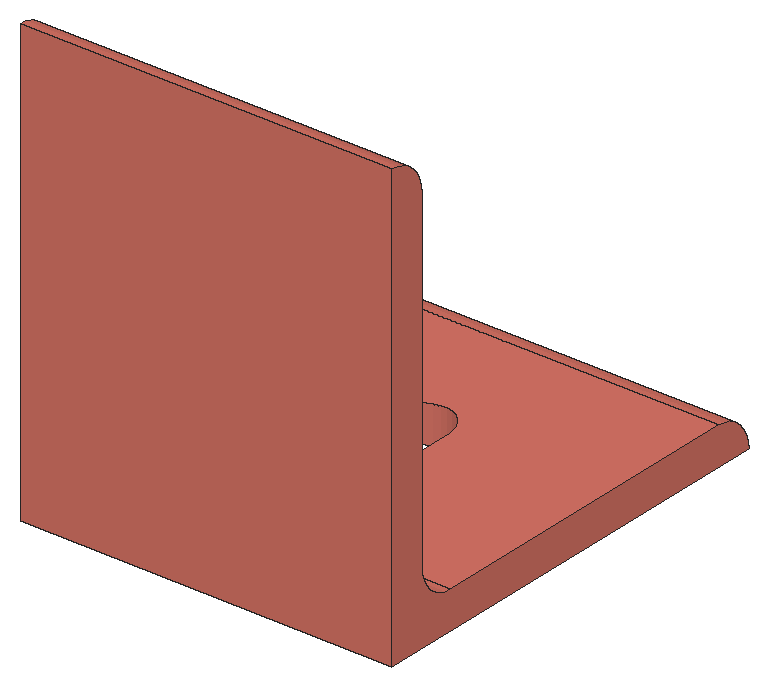
Revit family "L002", category Specialty Equipment, host Face, Revit 2018
Family settings
  Host = Face
  Round Connector Dimension = Use Diameter
  Part Type = Normal
  Cut with Voids When Loaded = Yes
  Shared = Yes
  Room Calculation Point = No
Parameters
  Type Comments = ""
  Model = ""
  MANUFACTURE_COMPONENT = "ERECTION STANDARD"
  IDENTITY_DESCRIPTION = "L6\"x6\"x1/2\"x0'-5\" w/ (1) 13/16\"Øx3\" SLOT"
  Default Elevation = 4' - 0"
  CONTROL_MARK = "L002"
Reference planes (in)
  plane 1 "Center (Front/Back)": y = 0
  plane 2: z = 0
  plane 3 "Center (Left/Right)": x = 0
  plane 4: z = 0.75
Dimensions and locks (in)
  plane 4 to plane 2 = 0' - 0 3/4"
  aligned and locked: plane 2 to host face
  aligned and locked: level to host face
Nested families (in)
  nested 1: "VOID SLOT (shared)" at (0, 0, 0.5) x (0, -1, 0) z (0, 0, 1), type "VOID-SLOT"
    with WIDTH 0' - 2", RADIUS 0' - 0 13/32", MIDDLE 0' - 1 3/16", DIAMETER 0' - 0 13/16", DEPTH 0' - 0 1/2"
  nested 2: "RAW MATERIAL - ANGLE (not shared)" at (0, -3, 0), type "L6"x6"x1/2""
Definition of nested family "RAW MATERIAL - ANGLE (not shared)"
  Parameters (values of type "L6"x6"x1/2"")
    THICKNESS = 0' - 0 1/2"
    MANUFACTURE_COMPONENT = "RAW MATERIAL"
    LEG 2 = 0' - 6"
    LEG 1 = 0' - 6"
    IDENTITY_DESCRIPTION = "L6\"x6\"x1/2\""
    Default Elevation = 4' - 0"
    DIM_LENGTH [instance] = 0' - 5"
    Cost = 0
    CONTROL_MARK = ""
  Reference planes (in)
    plane 1 "Center (Front/Back)": y = 0
    plane 2: z = 0
    plane 3 "Center (Left/Right)": x = 0
    plane 4: z = 0
    plane 5: x = -2.5
    plane 6: x = 2.5
    plane 7: z = 6
    plane 8: y = 6
    plane 9: y = 0.5
    plane 10: z = 0.5
  Forms (in)
    Extrusion 1, solid
      sketch origin (0, 0, 0) x (0, -1, 0) y (1, 0, 0)
        loop
          line (-48, 48) -> (-48, -48) -> (48, -48) -> (48, 48) -> (-48, 48)
      from 0 to -8
    Extrusion 2, solid
      sketch origin (0, 0, 0) x (0, 1, 0) y (0, 0, 1)
        loop
          arc (6, 0) -> (5.85355, 0.35355) -> (5.5, 0.5) r 0.5
          line (5.5, 0.5) -> (1, 0.5)
          arc (1, 0.5) -> (0.64645, 0.64645) -> (0.5, 1) r 0.5
          line (0.5, 1) -> (0.5, 5.5)
          arc (0.5, 5.5) -> (0.35355, 5.85355) -> (0, 6) r 0.5
          line (0, 6) -> (0, 0) -> (6, 0)
      from -2.5 to 2.5
  Dimensions and locks (in)
    "DIM_LENGTH": plane 5 to plane 6
    "LEG 1": plane 7 to plane 2
    "LEG 2": plane 8 to plane 1 "Center (Front/Back)"
    "THICKNESS": plane 2 to plane 10
    "THICKNESS": plane 9 to plane 1 "Center (Front/Back)"
    equal spacing: plane 5, plane 3 "Center (Left/Right)", plane 6
    "THICKNESS": radius of Extrusion 2 sketch curve  (x3)
    aligned and locked: plane 2 to Extrusion 1
    aligned and locked: plane 1 "Center (Front/Back)" to Extrusion 2 sketch curve
    aligned and locked: Extrusion 2 sketch curve to plane 2
    aligned and locked: Extrusion 2 sketch curve to plane 10
    aligned and locked: Extrusion 2 sketch curve to plane 9
    aligned and locked: plane 5 to Extrusion 2
    aligned and locked: Extrusion 2 to plane 6
  Automatic sketch dimensions
    Extrusion 1 sketch curve to Extrusion 1 sketch curve = 8' - 0"  (x2)
    Extrusion 2 sketch curve to plane 8 = 0' - 0"
    Extrusion 2 sketch curve to plane 7 = 0' - 0"
